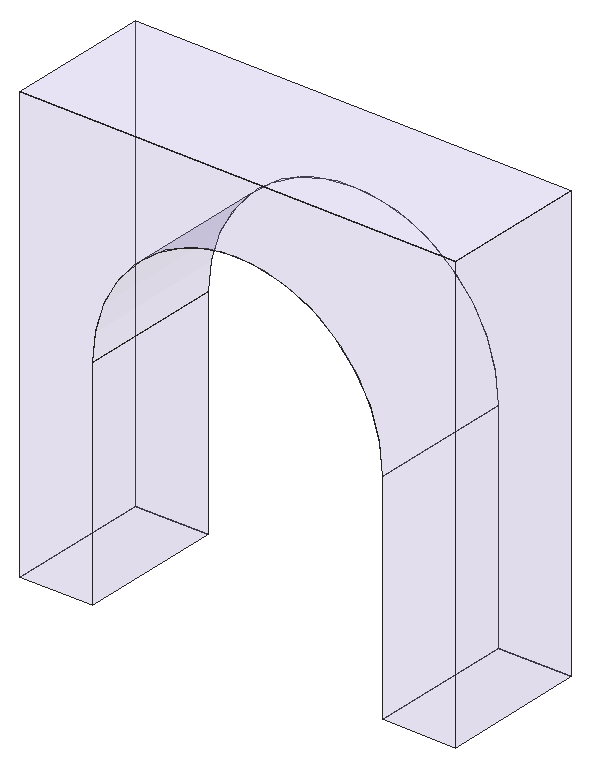
Revit family
Parameters
  Width [instance] = 9000 mm
  Opening Width [instance] = 6000 mm
  Opening Height [instance] = 7500 mm
  Mass Material [instance] = Default Mass
  Height [instance] = 9000 mm
  Depth [instance] = 3000 mm
  Default Elevation = 1219.2 mm
Reference planes
  plane 1 "Center (Front/Back)": y = 12.955
  plane 2: z = 0
  plane 3 "Center (Left/Right)": x = -30.261
  plane 4: y = 1512.955
  plane 5: x = 4469.739
  plane 6: x = -4530.261
  plane 7: y = -1487.045
  plane 8: z = 9000
  plane 9: z = 4500
  plane 10: x = -3030.261
  plane 11: x = 2969.739
  plane 12: z = 7500
  plane 13: z = 1500
Forms (mm)
  Extrusion 1, solid, material "Default Mass" <- "Mass Material"
    sketch origin (0, 0, 0) x (1, 0, 0) y (0, 1, 0)
      loop
        line (-4530.261, 1512.955) -> (-4530.261, -1487.045) -> (4469.739, -1487.045) -> (4469.739, 1512.955) -> (-4530.261, 1512.955)
    from 0 to 9000
  Extrusion 2, void
    sketch origin (0, 12.955, 0) x (1, 0, 0) y (0, 0, 1)
      loop
        line (2969.739, 0) -> (2969.739, 4500)
        arc (2969.739, 4500) -> (-30.261, 7500) -> (-3030.261, 4500) r 3000
        line (-3030.261, 4500) -> (-3030.261, 0) -> (2969.739, 0)
    from -1500 to 1500
Cuts and joins
  Extrusion 2 cuts Extrusion 1
Dimensions and locks
  equal spacing: Extrusion 1 sketch curve, plane 3 "Center (Left/Right)", Extrusion 1 sketch curve
  equal spacing: Extrusion 1 sketch curve, plane 1 "Center (Front/Back)", Extrusion 1 sketch curve
  equal spacing: plane 6, plane 3 "Center (Left/Right)", plane 5
  "Width": plane 6 to plane 5
  equal spacing: plane 4, plane 1 "Center (Front/Back)", plane 7
  "Depth": plane 4 to plane 7
  equal spacing: plane 10, plane 3 "Center (Left/Right)", plane 11
  "Opening Width": plane 10 to plane 11
  "Opening Width": plane 12 to plane 13
  equal spacing: plane 12, plane 9, plane 13
  "Height": plane 8 to plane 2
  locked: plane 2 to level
  "Opening Height": plane 12 to plane 2
  aligned and locked: Extrusion 1 sketch curve to plane 4
  aligned and locked: Extrusion 1 sketch curve to plane 6
  aligned and locked: Extrusion 1 to plane 8
  aligned and locked: plane 10 to Extrusion 2 sketch curve
  aligned and locked: plane 11 to Extrusion 2 sketch curve
  aligned and locked: Extrusion 2 to plane 4
  aligned and locked: Extrusion 1 to plane 2
  aligned and locked: plane 2 to Extrusion 2 sketch curve
  aligned and locked: cut or joined group of Extrusion 1, Extrusion 2 to plane 7
Automatic sketch dimensions
  Extrusion 2 sketch curve to plane 9 = 0 mm
